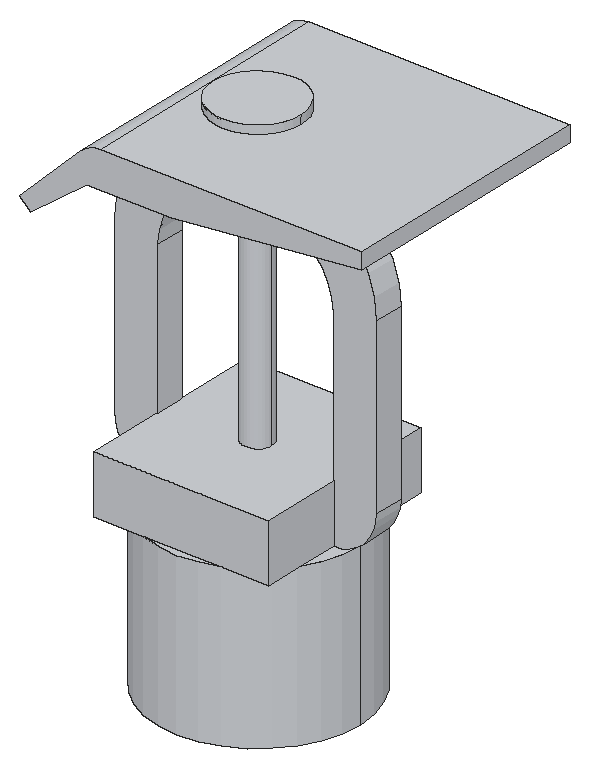
Revit family
Parameters (values of type "RASCO F1FR56 VSW")
  URL = ""
  Temperature Rating = 155 °F
  Response = 1
  RASCO SIN # = "RA1485"
  RASCO Part # = "F1FR56V1W"
  Pressure Rating = "175 PSI"
  Pressure Class = (empty or 0)
  Orifice Size = 1/2"
  Orifice = (empty or 0)
  Model = "F1FR56"
  Manufacturer = "RASCO"
  K-Factor = 5.6
  Description = "White Finish"
  Coverage = (empty or 0)
Reference planes (in)
  plane 1 "Center (Front/Back)": y = 0
  plane 2: z = 0
  plane 3 "Center (Left/Right)": x = 0
Nested families (in)
  nested 1: "F1FR56V1W" at (0, 0, 0), type "RASCO F1FR56 VSW"
Connectors (in)
  piping at (0, 0, 0)
    settings: on nested 1, index 1, connector radius 115/256", flow factor 0, pipe flow 0 GPM, pressure drop 0.00 psi, fitting loss kfactor 0, connector angle 0.00°, fixture units 0, flow configuration 0, flow direction 0, fitting loss method 0, system type 7, connector reference index -1, connector utility 0, adjustable connector no, is connector primary yes, fitting loss table "", connector description ""
Definition of nested family "F1FR56V1W"
  Parameters (values of type "RASCO F1FR56 VSW")
    Type Comments = ""
    Temperature Rating = 0 °F
    Response = (empty or 0)
    Pressure Rating = "0"
    Pressure Class = (empty or 0)
    Orifice Size = 0"
    Orifice = (empty or 0)
    Model = ""
    Manufacturer = ""
    K-Factor = 0
    Description = ""
    Coverage = (empty or 0)
    Assembly Code = ""
  Reference planes (in)
    plane 1 "Center (Front/Back)": y = 0
    plane 2: z = 0
    plane 3 "ref.2": z = 0.6875
    plane 4 "ref.3": z = 0.9375
    plane 5: x = -0.38065
    plane 6: x = 0.36935
    plane 7 "ref. side 1": y = 0.06402
    plane 8 "ref. side 2": y = -0.06098
    plane 9 "ref.4": z = 1.875
    plane 10 "ref.5": z = 2.24902
    plane 11 "ref.6": z = 2.4375
    plane 12 "void": z = 2.0625
  Forms (in)
    Extrusion 1, solid
      sketch origin (0, 0, 0) x (1, 0, 0) y (0, 1, 0)
        loop
          circle (0, 0) r 0.4375
      from 0 to 0.6875
    Extrusion 2, solid
      sketch origin (-0.12185, 0.05177, 0.6875) x (1, 0, 0) y (0, 1, 0)
        loop
          line (-0.2588, 0.356) -> (-0.2588, -0.4565) -> (0.4912, -0.4565) -> (0.4912, 0.356) -> (-0.2588, 0.356)
      from 0 to 0.25
    Extrusion 3, solid
      sketch origin (0, 0, 0) x (1, 0, 0) y (0, 0, 1)
        loop
          line (-0.38065, 0.68754) -> (-0.38065, 1.58397)
          arc (-0.38065, 1.58397) -> (-0.29541, 1.78976) -> (-0.08962, 1.875) r 0.29103
          line (-0.08962, 1.875) -> (0.07524, 1.875)
          arc (0.07524, 1.875) -> (0.28321, 1.78886) -> (0.36935, 1.58089) r 0.29411
          line (0.36935, 1.58089) -> (0.36935, 0.68751)
          arc (0.36935, 0.68751) -> (0.50207, 0.74393) -> (0.55685, 0.87734) r 0.18984
          line (0.55685, 0.87734) -> (0.55685, 1.61676)
          arc (0.55685, 1.61676) -> (0.42629, 1.93194) -> (0.11111, 2.0625) r 0.44574
          line (0.11111, 2.0625) -> (-0.12259, 2.0625)
          arc (-0.12259, 2.0625) -> (-0.43765, 1.932) -> (-0.56815, 1.61694) r 0.44556
          line (-0.56815, 1.61694) -> (-0.56815, 0.87876)
          arc (-0.56815, 0.87876) -> (-0.51345, 0.74486) -> (-0.38065, 0.68754) r 0.19126
      from -0.06402 to 0.06098
    Extrusion 4, solid
      sketch origin (0, 0, 0.9375) x (-1, 0, 0) y (0, -1, 0)
        loop
          circle (0.00574, -0.00152) r 0.0625
      from 0 to 0.9375
    Extrusion 5, solid
      sketch origin (0, 0, 1.875) x (-1, 0, 0) y (0, -1, 0)
        loop
          circle (0.00574, -0.00152) r 0.1875
      from 0 to 0.37402
    Extrusion 6, solid
      sketch origin (-0.03679, 0, -0.06016) x (1, 0, 0) y (0, 0, 1)
        loop
          arc (-0.19445, 2.27627) -> (-0.23939, 2.26733) -> (-0.27749, 2.24188) r 0.11743
          line (-0.27749, 2.24188) -> (-0.54045, 1.97891) -> (-0.49488, 1.93334) -> (-0.25503, 2.12072) -> (0.10902, 2.12072) -> (0.92351, 2.20633) -> (0.92351, 2.27627) -> (-0.19445, 2.27627)
      from -0.5584 to 0.5566
  Cuts and joins
    joined: Extrusion 1, Extrusion 2, Extrusion 4
  Lines and regions (in)
    model lines
      curve 1: line (-0.00574, 0.06402, 1.875) -> (-0.00574, -0.06098, 1.875)
